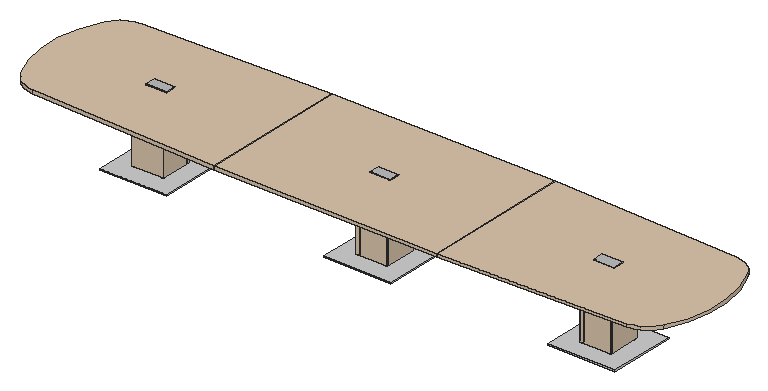
Revit family "Haworth_Planes_ColumnBaseConferenceTable_PebbleThreePiece", category Furniture Systems, Revit 2018 (continued)
Definition of nested family "Haworth_Planes_Worksurface_Pebble_3Piece_PART"
  Definition of nested family "Haworth_Planes_Worksurface_Pebble60_3Pieces_Part"
    Forms (in)
      Extrusion 14, solid, material <- "Table Finish", visible <- "264w"
        sketch origin (-724.87196, -915.34799, 0) x (1, 0, 0) y (0, 1, 0)
          loop
            arc (608.32241, 902.99103) -> (644.65509, 901.10295) -> (681.03196, 900.5091) r 1022.12412
            line (681.03196, 900.5091) -> (681.03196, 960.18688)
            arc (681.03196, 960.18688) -> (644.65509, 959.59303) -> (608.32241, 957.70496) r 1022.12412
            arc (608.32241, 957.70496) -> (602.6048, 955.78653) -> (598.54248, 951.32906) r 12
          loop
            arc (768.71196, 900.5091) -> (805.08883, 901.10295) -> (841.42151, 902.99103) r 1022.12412
            arc (841.42151, 902.99103) -> (847.13912, 904.90946) -> (851.20144, 909.36692) r 12
            arc (851.20144, 909.36692) -> (856.39196, 930.34799) -> (851.20144, 951.32906) r 45
            arc (851.20144, 951.32906) -> (847.13912, 955.78653) -> (841.42151, 957.70496) r 12
            arc (841.42151, 957.70496) -> (805.08883, 959.59303) -> (768.71196, 960.18688) r 1022.12412
            line (768.71196, 960.18688) -> (768.71196, 900.5091)
        from 27.8125 to 29
      Extrusion 15, solid, material <- "Table Finish", visible <- "270w"
        sketch origin (-724.20685, -978.94741, 0) x (1, 0, 0) y (0, 1, 0)
          loop
            arc (594.87701, 1014.9278) -> (589.68685, 993.94741) -> (594.87701, 972.96703) r 45
            arc (594.87701, 972.96703) -> (598.94895, 968.50318) -> (604.67991, 966.58938) r 12
            arc (604.67991, 966.58938) -> (642.00192, 964.70279) -> (679.36685, 964.10847) r 1080.05638
            line (679.36685, 964.10847) -> (679.36685, 1023.78636)
            arc (679.36685, 1023.78636) -> (642.00192, 1023.19204) -> (604.67991, 1021.30545) r 1080.05638
            arc (604.67991, 1021.30545) -> (598.94895, 1019.39165) -> (594.87701, 1014.9278) r 12
          loop
            arc (769.04685, 964.10847) -> (806.41179, 964.70279) -> (843.73379, 966.58938) r 1080.05638
            arc (843.73379, 966.58938) -> (849.46476, 968.50318) -> (853.5367, 972.96703) r 12
            arc (853.5367, 972.96703) -> (858.72685, 993.94741) -> (853.5367, 1014.9278) r 45
            arc (853.5367, 1014.9278) -> (849.46476, 1019.39165) -> (843.73379, 1021.30545) r 12
            arc (843.73379, 1021.30545) -> (806.41179, 1023.19204) -> (769.04685, 1023.78636) r 1080.05638
            line (769.04685, 1023.78636) -> (769.04685, 964.10847)
        from 27.8125 to 29
      Extrusion 16, solid, material <- "Table Finish", visible <- "186w"
        sketch origin (-730.5556, -86.63524, 0) x (1, 0, 0) y (0, 1, 0)
          loop
            line (699.7156, 131.47255) -> (699.7156, 71.79793) -> (761.3956, 71.79793) -> (761.3956, 131.47255) -> (699.7156, 131.47255)
        from 27.8125 to 29
      Extrusion 17, solid, material <- "Table Finish", visible <- "192w"
        sketch origin (-729.89022, -148.78543, 0) x (1, 0, 0) y (0, 1, 0)
          loop
            line (698.05022, 193.62295) -> (698.05022, 133.9479) -> (761.73022, 133.9479) -> (761.73022, 193.62295) -> (698.05022, 193.62295)
        from 27.8125 to 29
      Extrusion 18, solid, material <- "Table Finish", visible <- "198w"
        sketch origin (-731.23218, -211.57156, 0) x (1, 0, 0) y (0, 1, 0)
          loop
            line (698.39218, 256.40928) -> (698.39218, 196.73385) -> (764.07218, 196.73385) -> (764.07218, 256.40928) -> (698.39218, 256.40928)
        from 27.8125 to 29
      Extrusion 19, solid, material <- "Table Finish", visible <- "204w"
        sketch origin (-730.56386, -275.02564, 0) x (1, 0, 0) y (0, 1, 0)
          loop
            line (696.72386, 319.86352) -> (696.72386, 260.18775) -> (764.40386, 260.18775) -> (764.40386, 319.86352) -> (696.72386, 319.86352)
        from 27.8125 to 29
      Extrusion 20, solid, material <- "Table Finish", visible <- "210w"
        sketch origin (-729.89554, -340.48352, 0) x (1, 0, 0) y (0, 1, 0)
          loop
            line (695.05554, 385.32156) -> (695.05554, 325.64548) -> (764.73554, 325.64548) -> (764.73554, 385.32156) -> (695.05554, 385.32156)
        from 27.8125 to 29
      Extrusion 21, solid, material <- "Table Finish", visible <- "216w"
        sketch origin (-727.89058, -405.94544, 0) x (1, 0, 0) y (0, 1, 0)
          loop
            line (692.05058, 450.78362) -> (692.05058, 391.10727) -> (763.73058, 391.10727) -> (763.73058, 450.78362) -> (692.05058, 450.78362)
        from 27.8125 to 29
      Extrusion 22, solid, material <- "Table Finish", visible <- "222w"
        sketch origin (-727.25581, -470.81755, 0) x (1, 0, 0) y (0, 1, 0)
          loop
            line (690.41581, 515.65584) -> (690.41581, 455.97925) -> (764.09581, 455.97925) -> (764.09581, 515.65584) -> (690.41581, 515.65584)
        from 27.8125 to 29
      Extrusion 23, solid, material <- "Table Finish", visible <- "228w"
        sketch origin (-725.92256, -535.60903, 0) x (1, 0, 0) y (0, 1, 0)
          loop
            line (688.08256, 580.44744) -> (688.08256, 520.77062) -> (763.76256, 520.77062) -> (763.76256, 580.44744) -> (688.08256, 580.44744)
        from 27.8125 to 29
      Extrusion 24, solid, material <- "Table Finish", visible <- "240w"
        sketch origin (-724.87283, -663.92772, 0) x (1, 0, 0) y (0, 1, 0)
          loop
            line (685.03283, 708.76632) -> (685.03283, 649.08912) -> (764.71283, 649.08912) -> (764.71283, 708.76632) -> (685.03283, 708.76632)
        from 27.8125 to 29
      Extrusion 25, solid, material <- "Table Finish", visible <- "246w"
        sketch origin (-724.87283, -726.76777, 0) x (1, 0, 0) y (0, 1, 0)
          loop
            line (684.03283, 771.60645) -> (684.03283, 711.92909) -> (765.71283, 711.92909) -> (765.71283, 771.60645) -> (684.03283, 771.60645)
        from 27.8125 to 29
      Extrusion 26, solid, material <- "Table Finish", visible <- "252w"
        sketch origin (-724.20394, -789.61244, 0) x (1, 0, 0) y (0, 1, 0)
          loop
            line (682.36394, 834.4512) -> (682.36394, 774.77369) -> (766.04394, 774.77369) -> (766.04394, 834.4512) -> (682.36394, 834.4512)
        from 27.8125 to 29
      Extrusion 27, solid, material <- "Table Finish", visible <- "258w"
        sketch origin (-724.20394, -852.45398, 0) x (1, 0, 0) y (0, 1, 0)
          loop
            line (681.36394, 897.2928) -> (681.36394, 837.61515) -> (767.04394, 837.61515) -> (767.04394, 897.2928) -> (681.36394, 897.2928)
        from 27.8125 to 29
      Extrusion 28, solid, material <- "Table Finish", visible <- "264w"
        sketch origin (-724.87196, -915.34799, 0) x (1, 0, 0) y (0, 1, 0)
          loop
            line (681.03196, 960.18688) -> (681.03196, 900.5091) -> (768.71196, 900.5091) -> (768.71196, 960.18688) -> (681.03196, 960.18688)
        from 27.8125 to 29
      Extrusion 29, solid, material <- "Table Finish", visible <- "270w"
        sketch origin (-724.20685, -978.94741, 0) x (1, 0, 0) y (0, 1, 0)
          loop
            line (679.36685, 1023.78636) -> (679.36685, 964.10847) -> (769.04685, 964.10847) -> (769.04685, 1023.78636) -> (679.36685, 1023.78636)
        from 27.8125 to 29
      Extrusion 30, solid, material <- "Table Finish", visible <- "234w"
        sketch origin (-724.70902, -598.95998, 0) x (1, 0, 0) y (0, 1, 0)
          loop
            line (685.86902, 643.79849) -> (685.86902, 584.12148) -> (763.54902, 584.12148) -> (763.54902, 643.79849) -> (685.86902, 643.79849)
        from 27.8125 to 29
    Lines and regions (in)
      Masking region 1, visible <- "186w"
        outline origin (-730.5556, -86.63524, 0) x (1, 0, 0) y (0, 1, 0)
          loop
            arc (652.76351, 74.29524) -> (675.45521, 72.42087) -> (698.2156, 71.79524) r 414.53084
            line (698.2156, 71.79524) -> (762.8956, 71.79524)
            arc (762.8956, 71.79524) -> (785.65598, 72.42087) -> (808.34768, 74.29524) r 414.53084
            arc (808.34768, 74.29524) -> (813.9231, 76.26118) -> (817.88323, 80.65067) r 12
            arc (817.88323, 80.65067) -> (823.0756, 101.63524) -> (817.88323, 122.61981) r 45
            arc (817.88323, 122.61981) -> (813.9231, 127.0093) -> (808.34768, 128.97524) r 12
            arc (808.34768, 128.97524) -> (785.65598, 130.84961) -> (762.8956, 131.47524) r 414.53084
            line (762.8956, 131.47524) -> (698.2156, 131.47524)
            arc (698.2156, 131.47524) -> (675.45521, 130.84961) -> (652.76351, 128.97524) r 414.53084
            arc (652.76351, 128.97524) -> (647.18809, 127.0093) -> (643.22796, 122.61981) r 12
            arc (643.22796, 122.61981) -> (638.0356, 101.63524) -> (643.22796, 80.65067) r 45
            arc (643.22796, 80.65067) -> (647.18809, 76.26118) -> (652.76351, 74.29524) r 12
      Masking region 2, visible <- "192w"
        outline origin (-729.89022, -148.78543, 0) x (1, 0, 0) y (0, 1, 0)
          loop
            arc (639.56259, 184.77) -> (634.37022, 163.78543) -> (639.56259, 142.80086) r 45
            arc (639.56259, 142.80086) -> (643.52271, 138.41137) -> (649.09813, 136.44543) r 12
            arc (649.09813, 136.44543) -> (672.79128, 134.57098) -> (696.55022, 133.94543) r 451.67365
            line (696.55022, 133.94543) -> (763.23022, 133.94543)
            arc (763.23022, 133.94543) -> (786.98916, 134.57098) -> (810.68231, 136.44543) r 451.67365
            arc (810.68231, 136.44543) -> (816.25773, 138.41137) -> (820.21786, 142.80086) r 12
            arc (820.21786, 142.80086) -> (825.41022, 163.78543) -> (820.21786, 184.77) r 45
            arc (820.21786, 184.77) -> (816.25773, 189.15949) -> (810.68231, 191.12543) r 12
            arc (810.68231, 191.12543) -> (786.98916, 192.99988) -> (763.23022, 193.62543) r 451.67365
            line (763.23022, 193.62543) -> (696.55022, 193.62543)
            arc (696.55022, 193.62543) -> (672.79128, 192.99988) -> (649.09813, 191.12543) r 451.67365
            arc (649.09813, 191.12543) -> (643.52271, 189.15949) -> (639.56259, 184.77) r 12
      Masking region 3, visible <- "198w"
        outline origin (-731.23218, -211.57156, 0) x (1, 0, 0) y (0, 1, 0)
          loop
            arc (637.90454, 247.55613) -> (632.71218, 226.57156) -> (637.90454, 205.587) r 45
            arc (637.90454, 205.587) -> (641.86467, 201.1975) -> (647.44009, 199.23156) r 12
            arc (647.44009, 199.23156) -> (672.13618, 197.35696) -> (696.89541, 196.73156) r 490.41566
            line (696.89541, 196.73156) -> (765.56895, 196.73156)
            arc (765.56895, 196.73156) -> (790.32818, 197.35696) -> (815.02427, 199.23156) r 490.41566
            arc (815.02427, 199.23156) -> (820.59969, 201.1975) -> (824.55982, 205.587) r 12
            arc (824.55982, 205.587) -> (829.75218, 226.57156) -> (824.55982, 247.55613) r 45
            arc (824.55982, 247.55613) -> (820.59969, 251.94562) -> (815.02427, 253.91156) r 12
            arc (815.02427, 253.91156) -> (790.32818, 255.78616) -> (765.56895, 256.41156) r 490.41566
            line (765.56895, 256.41156) -> (696.89541, 256.41156)
            arc (696.89541, 256.41156) -> (672.13618, 255.78616) -> (647.44009, 253.91156) r 490.41566
            arc (647.44009, 253.91156) -> (641.86467, 251.94562) -> (637.90454, 247.55613) r 12
      Masking region 4, visible <- "204w"
        outline origin (-730.56386, -275.02564, 0) x (1, 0, 0) y (0, 1, 0)
          loop
            arc (634.23622, 311.0102) -> (629.04386, 290.02564) -> (634.23622, 269.04107) r 45
            arc (634.23622, 269.04107) -> (638.19635, 264.65158) -> (643.77177, 262.68564) r 12
            arc (643.77177, 262.68564) -> (669.46852, 260.811) -> (695.22597, 260.18564) r 530.75685
            line (695.22597, 260.18564) -> (765.90175, 260.18564)
            arc (765.90175, 260.18564) -> (791.6592, 260.811) -> (817.35595, 262.68564) r 530.75685
            arc (817.35595, 262.68564) -> (822.93137, 264.65158) -> (826.8915, 269.04107) r 12
            arc (826.8915, 269.04107) -> (832.08386, 290.02564) -> (826.8915, 311.0102) r 45
            arc (826.8915, 311.0102) -> (822.93137, 315.3997) -> (817.35595, 317.36564) r 12
            arc (817.35595, 317.36564) -> (791.6592, 319.24027) -> (765.90175, 319.86564) r 530.75685
            line (765.90175, 319.86564) -> (695.22597, 319.86564)
            arc (695.22597, 319.86564) -> (669.46852, 319.24027) -> (643.77177, 317.36564) r 530.75685
            arc (643.77177, 317.36564) -> (638.19635, 315.3997) -> (634.23622, 311.0102) r 12
      Masking region 5, visible <- "210w"
        outline origin (-729.89554, -340.48352, 0) x (1, 0, 0) y (0, 1, 0)
          loop
            arc (630.5679, 376.46809) -> (625.37554, 355.48352) -> (630.5679, 334.49895) r 45
            arc (630.5679, 334.49895) -> (634.52803, 330.10946) -> (640.10345, 328.14352) r 12
            arc (640.10345, 328.14352) -> (666.8008, 326.26886) -> (693.55657, 325.64352) r 572.69723
            line (693.55657, 325.64352) -> (766.23451, 325.64352)
            arc (766.23451, 325.64352) -> (792.99028, 326.26886) -> (819.68763, 328.14352) r 572.69723
            arc (819.68763, 328.14352) -> (825.26305, 330.10946) -> (829.22318, 334.49895) r 12
            arc (829.22318, 334.49895) -> (834.41554, 355.48352) -> (829.22318, 376.46809) r 45
            arc (829.22318, 376.46809) -> (825.26305, 380.85758) -> (819.68763, 382.82352) r 12
            arc (819.68763, 382.82352) -> (792.99028, 384.69818) -> (766.23451, 385.32352) r 572.69723
            line (766.23451, 385.32352) -> (693.55657, 385.32352)
            arc (693.55657, 385.32352) -> (666.8008, 384.69818) -> (640.10345, 382.82352) r 572.69723
            arc (640.10345, 382.82352) -> (634.52803, 380.85758) -> (630.5679, 376.46809) r 12
      Masking region 6, visible <- "216w"
        outline origin (-727.89058, -405.94544, 0) x (1, 0, 0) y (0, 1, 0)
          loop
            arc (625.56294, 441.93001) -> (620.37058, 420.94544) -> (625.56294, 399.96088) r 45
            arc (625.56294, 399.96088) -> (629.52307, 395.57138) -> (635.09849, 393.60544) r 12
            arc (635.09849, 393.60544) -> (662.79637, 391.73076) -> (690.55058, 391.10544) r 616.2368
            line (690.55058, 391.10544) -> (765.23058, 391.10544)
            arc (765.23058, 391.10544) -> (792.98479, 391.73076) -> (820.68267, 393.60544) r 616.2368
            arc (820.68267, 393.60544) -> (826.25809, 395.57138) -> (830.21822, 399.96088) r 12
            arc (830.21822, 399.96088) -> (835.41058, 420.94544) -> (830.21822, 441.93001) r 45
            arc (830.21822, 441.93001) -> (826.25809, 446.3195) -> (820.68267, 448.28544) r 12
            arc (820.68267, 448.28544) -> (792.98479, 450.16013) -> (765.23058, 450.78544) r 616.2368
            line (765.23058, 450.78544) -> (690.55058, 450.78544)
            arc (690.55058, 450.78544) -> (662.79637, 450.16013) -> (635.09849, 448.28544) r 616.2368
            arc (635.09849, 448.28544) -> (629.52307, 446.3195) -> (625.56294, 441.93001) r 12
      Masking region 7, visible <- "222w"
        outline origin (-727.25581, -470.81755, 0) x (1, 0, 0) y (0, 1, 0)
          loop
            arc (621.92817, 506.80212) -> (616.73581, 485.81755) -> (621.92817, 464.83298) r 45
            arc (621.92817, 464.83298) -> (625.8883, 460.44349) -> (631.46372, 458.47755) r 12
            arc (631.46372, 458.47755) -> (660.16208, 456.60284) -> (688.91481, 455.97755) r 661.37555
            line (688.91481, 455.97755) -> (765.5968, 455.97755)
            arc (765.5968, 455.97755) -> (794.34953, 456.60284) -> (823.0479, 458.47755) r 661.37555
            arc (823.0479, 458.47755) -> (828.62332, 460.44349) -> (832.58344, 464.83298) r 12
            arc (832.58344, 464.83298) -> (837.77581, 485.81755) -> (832.58344, 506.80212) r 45
            arc (832.58344, 506.80212) -> (828.62332, 511.19161) -> (823.0479, 513.15755) r 12
            arc (823.0479, 513.15755) -> (794.34953, 515.03225) -> (765.5968, 515.65755) r 661.37555
            line (765.5968, 515.65755) -> (688.91481, 515.65755)
            arc (688.91481, 515.65755) -> (660.16208, 515.03225) -> (631.46372, 513.15755) r 661.37555
            arc (631.46372, 513.15755) -> (625.8883, 511.19161) -> (621.92817, 506.80212) r 12
      Masking region 8, visible <- "228w"
        outline origin (-725.92256, -535.60903, 0) x (1, 0, 0) y (0, 1, 0)
          loop
            arc (617.59492, 571.5936) -> (612.40256, 550.60903) -> (617.59492, 529.62446) r 45
            arc (617.59492, 529.62446) -> (621.55505, 525.23497) -> (627.13047, 523.26903) r 12
            arc (627.13047, 523.26903) -> (656.82926, 521.3943) -> (686.5806, 520.76903) r 708.1135
            line (686.5806, 520.76903) -> (765.26452, 520.76903)
            arc (765.26452, 520.76903) -> (795.01585, 521.3943) -> (824.71464, 523.26903) r 708.1135
            arc (824.71464, 523.26903) -> (830.29007, 525.23497) -> (834.25019, 529.62446) r 12
            arc (834.25019, 529.62446) -> (839.44256, 550.60903) -> (834.25019, 571.5936) r 45
            arc (834.25019, 571.5936) -> (830.29007, 575.98309) -> (824.71464, 577.94903) r 12
            arc (824.71464, 577.94903) -> (795.01585, 579.82375) -> (765.26452, 580.44903) r 708.1135
            line (765.26452, 580.44903) -> (686.5806, 580.44903)
            arc (686.5806, 580.44903) -> (656.82926, 579.82375) -> (627.13047, 577.94903) r 708.1135
            arc (627.13047, 577.94903) -> (621.55505, 575.98309) -> (617.59492, 571.5936) r 12
      Masking region 9, visible <- "234w"
        outline origin (-724.70902, -598.95998, 0) x (1, 0, 0) y (0, 1, 0)
          loop
            arc (613.38139, 634.94455) -> (608.18902, 613.95998) -> (613.38139, 592.97542) r 45
            arc (613.38139, 592.97542) -> (617.34151, 588.58592) -> (622.91694, 586.61998) r 12
            arc (622.91694, 586.61998) -> (653.61612, 584.74524) -> (684.36613, 584.11998) r 756.45063
            line (684.36613, 584.11998) -> (765.05192, 584.11998)
            arc (765.05192, 584.11998) -> (795.80193, 584.74524) -> (826.50111, 586.61998) r 756.45063
            arc (826.50111, 586.61998) -> (832.07653, 588.58592) -> (836.03666, 592.97542) r 12
            arc (836.03666, 592.97542) -> (841.22902, 613.95998) -> (836.03666, 634.94455) r 45
            arc (836.03666, 634.94455) -> (832.07653, 639.33404) -> (826.50111, 641.29998) r 12
            arc (826.50111, 641.29998) -> (795.80193, 643.17472) -> (765.05192, 643.79998) r 756.45063
            line (765.05192, 643.79998) -> (684.36613, 643.79998)
            arc (684.36613, 643.79998) -> (653.61612, 643.17472) -> (622.91694, 641.29998) r 756.45063
            arc (622.91694, 641.29998) -> (617.34151, 639.33404) -> (613.38139, 634.94455) r 12
      Masking region 10, visible <- "240w"
        outline origin (-724.87283, -663.92772, 0) x (1, 0, 0) y (0, 1, 0)
          loop
            arc (610.54519, 699.91229) -> (605.35283, 678.92772) -> (610.54519, 657.94315) r 45
            arc (610.54519, 657.94315) -> (614.50532, 653.55366) -> (620.08074, 651.58772) r 12
            arc (620.08074, 651.58772) -> (651.78027, 649.71296) -> (683.52903, 649.08772) r 806.38695
            line (683.52903, 649.08772) -> (766.21663, 649.08772)
            arc (766.21663, 649.08772) -> (797.96539, 649.71296) -> (829.66492, 651.58772) r 806.38695
            arc (829.66492, 651.58772) -> (835.24034, 653.55366) -> (839.20047, 657.94315) r 12
            arc (839.20047, 657.94315) -> (844.39283, 678.92772) -> (839.20047, 699.91229) r 45
            arc (839.20047, 699.91229) -> (835.24034, 704.30178) -> (829.66492, 706.26772) r 12
            arc (829.66492, 706.26772) -> (797.96539, 708.14248) -> (766.21663, 708.76772) r 806.38695
            line (766.21663, 708.76772) -> (683.52903, 708.76772)
            arc (683.52903, 708.76772) -> (651.78027, 708.14248) -> (620.08074, 706.26772) r 806.38695
            arc (620.08074, 706.26772) -> (614.50532, 704.30178) -> (610.54519, 699.91229) r 12
      Masking region 11, visible <- "246w"
        outline origin (-724.87283, -726.76777, 0) x (1, 0, 0) y (0, 1, 0)
          loop
            arc (607.54519, 762.75234) -> (602.35283, 741.76777) -> (607.54519, 720.7832) r 45
            arc (607.54519, 720.7832) -> (611.50532, 716.39371) -> (617.08074, 714.42777) r 12
            arc (617.08074, 714.42777) -> (649.78292, 712.55291) -> (682.53283, 711.92777) r 857.92246
            line (682.53283, 711.92777) -> (767.21283, 711.92777)
            arc (767.21283, 711.92777) -> (799.96274, 712.55291) -> (832.66492, 714.42777) r 857.92246
            arc (832.66492, 714.42777) -> (838.24034, 716.39371) -> (842.20047, 720.7832) r 12
            arc (842.20047, 720.7832) -> (847.39283, 741.76777) -> (842.20047, 762.75234) r 45
            arc (842.20047, 762.75234) -> (838.24034, 767.14183) -> (832.66492, 769.10777) r 12
            arc (832.66492, 769.10777) -> (799.96274, 770.98263) -> (767.21283, 771.60777) r 857.92246
            line (767.21283, 771.60777) -> (682.53283, 771.60777)
            arc (682.53283, 771.60777) -> (649.78292, 770.98263) -> (617.08074, 769.10777) r 857.92246
            arc (617.08074, 769.10777) -> (611.50532, 767.14183) -> (607.54519, 762.75234) r 12
      Masking region 12, visible <- "252w"
        outline origin (-724.20394, -789.61244, 0) x (1, 0, 0) y (0, 1, 0)
          loop
            arc (603.8763, 825.59701) -> (598.68394, 804.61244) -> (603.8763, 783.62787) r 45
            arc (603.8763, 783.62787) -> (607.83643, 779.23838) -> (613.41185, 777.27244) r 12
            arc (613.41185, 777.27244) -> (647.11473, 775.39755) -> (680.86394, 774.77244) r 911.05716
            line (680.86394, 774.77244) -> (767.54394, 774.77244)
            arc (767.54394, 774.77244) -> (801.29314, 775.39755) -> (834.99602, 777.27244) r 911.05716
            arc (834.99602, 777.27244) -> (840.57145, 779.23838) -> (844.53157, 783.62787) r 12
            arc (844.53157, 783.62787) -> (849.72394, 804.61244) -> (844.53157, 825.59701) r 45
            arc (844.53157, 825.59701) -> (840.57145, 829.9865) -> (834.99602, 831.95244) r 12
            arc (834.99602, 831.95244) -> (801.29314, 833.82733) -> (767.54394, 834.45244) r 911.05716
            line (767.54394, 834.45244) -> (680.86394, 834.45244)
            arc (680.86394, 834.45244) -> (647.11473, 833.82733) -> (613.41185, 831.95244) r 911.05716
            arc (613.41185, 831.95244) -> (607.83643, 829.9865) -> (603.8763, 825.59701) r 12
      Masking region 13, visible <- "258w"
        outline origin (-724.20394, -852.45398, 0) x (1, 0, 0) y (0, 1, 0)
          loop
            arc (600.8763, 888.43854) -> (595.68394, 867.45398) -> (600.8763, 846.46941) r 45
            arc (600.8763, 846.46941) -> (604.83643, 842.07992) -> (610.41185, 840.11398) r 12
            arc (610.41185, 840.11398) -> (645.1154, 838.23906) -> (679.86394, 837.61398) r 965.79104
            line (679.86394, 837.61398) -> (768.54394, 837.61398)
            arc (768.54394, 837.61398) -> (803.29247, 838.23906) -> (837.99602, 840.11398) r 965.79104
            arc (837.99602, 840.11398) -> (843.57145, 842.07992) -> (847.53157, 846.46941) r 12
            arc (847.53157, 846.46941) -> (852.72394, 867.45398) -> (847.53157, 888.43854) r 45
            arc (847.53157, 888.43854) -> (843.57145, 892.82803) -> (837.99602, 894.79398) r 12
            arc (837.99602, 894.79398) -> (803.29247, 896.66889) -> (768.54394, 897.29398) r 965.79104
            line (768.54394, 897.29398) -> (679.86394, 897.29398)
            arc (679.86394, 897.29398) -> (645.1154, 896.66889) -> (610.41185, 894.79398) r 965.79104
            arc (610.41185, 894.79398) -> (604.83643, 892.82803) -> (600.8763, 888.43854) r 12
      Masking region 14, visible <- "264w"
        outline origin (-724.87196, -915.34799, 0) x (1, 0, 0) y (0, 1, 0)
          loop
            arc (598.54432, 951.33256) -> (593.35196, 930.34799) -> (598.54432, 909.36343) r 45
            arc (598.54432, 909.36343) -> (602.50445, 904.97393) -> (608.07987, 903.00799) r 12
            arc (608.07987, 903.00799) -> (643.78405, 901.13306) -> (679.53196, 900.50799) r 1022.12412
            line (679.53196, 900.50799) -> (770.21196, 900.50799)
            arc (770.21196, 900.50799) -> (805.95987, 901.13306) -> (841.66405, 903.00799) r 1022.12412
            arc (841.66405, 903.00799) -> (847.23947, 904.97393) -> (851.1996, 909.36343) r 12
            arc (851.1996, 909.36343) -> (856.39196, 930.34799) -> (851.1996, 951.33256) r 45
            arc (851.1996, 951.33256) -> (847.23947, 955.72205) -> (841.66405, 957.68799) r 12
            arc (841.66405, 957.68799) -> (805.95987, 959.56293) -> (770.21196, 960.18799) r 1022.12412
            line (770.21196, 960.18799) -> (679.53196, 960.18799)
            arc (679.53196, 960.18799) -> (643.78405, 959.56293) -> (608.07987, 957.68799) r 1022.12412
            arc (608.07987, 957.68799) -> (602.50445, 955.72205) -> (598.54432, 951.33256) r 12
      Masking region 15, visible <- "270w"
        outline origin (-724.20685, -978.94741, 0) x (1, 0, 0) y (0, 1, 0)
          loop
            arc (594.87922, 1014.93198) -> (589.68685, 993.94741) -> (594.87922, 972.96285) r 45
            arc (594.87922, 972.96285) -> (598.83935, 968.57336) -> (604.41477, 966.60741) r 12
            arc (604.41477, 966.60741) -> (641.11954, 964.73246) -> (677.86685, 964.10741) r 1080.05638
            line (677.86685, 964.10741) -> (770.54685, 964.10741)
            arc (770.54685, 964.10741) -> (807.29417, 964.73246) -> (843.99894, 966.60741) r 1080.05638
            arc (843.99894, 966.60741) -> (849.57436, 968.57336) -> (853.53449, 972.96285) r 12
            arc (853.53449, 972.96285) -> (858.72685, 993.94741) -> (853.53449, 1014.93198) r 45
            arc (853.53449, 1014.93198) -> (849.57436, 1019.32147) -> (843.99894, 1021.28741) r 12
            arc (843.99894, 1021.28741) -> (807.29417, 1023.16237) -> (770.54685, 1023.78741) r 1080.05638
            line (770.54685, 1023.78741) -> (677.86685, 1023.78741)
            arc (677.86685, 1023.78741) -> (641.11954, 1023.16237) -> (604.41477, 1021.28741) r 1080.05638
            arc (604.41477, 1021.28741) -> (598.83935, 1019.32147) -> (594.87922, 1014.93198) r 12
      symbolic lines, visible <- "186w", detail levels medium+fine
        curve 1: line (-30.84, 44.83731, 0) -> (-30.84, -14.83731, 0)
        curve 2: line (30.84, -14.83731, 0) -> (30.84, 44.83731, 0)
      symbolic lines, visible <- "192w", detail levels medium+fine
        curve 3: line (31.84, -14.83752, 0) -> (31.84, 44.83752, 0)
        curve 4: line (-31.84, 44.83752, 0) -> (-31.84, -14.83752, 0)
      symbolic lines, visible <- "198w", detail levels medium+fine
        curve 5: line (-32.84, 44.83772, 0) -> (-32.84, -14.83772, 0)
        curve 6: line (32.84, -14.83772, 0) -> (32.84, 44.83772, 0)
      symbolic lines, visible <- "204w", detail levels medium+fine
        curve 7: line (33.84, -14.83789, 0) -> (33.84, 44.83789, 0)
        curve 8: line (-33.84, 44.83789, 0) -> (-33.84, -14.83789, 0)
      symbolic lines, visible <- "210w", detail levels medium+fine
        curve 9: line (-34.84, 44.83804, 0) -> (-34.84, -14.83804, 0)
        curve 10: line (34.84, -14.83804, 0) -> (34.84, 44.83804, 0)
      symbolic lines, visible <- "216w", detail levels medium+fine
        curve 11: line (35.84, -14.83817, 0) -> (35.84, 44.83817, 0)
        curve 12: line (-35.84, 44.83817, 0) -> (-35.84, -14.83817, 0)
      symbolic lines, visible <- "222w", detail levels medium+fine
        curve 13: line (-36.84, 44.8383, 0) -> (-36.84, -14.8383, 0)
        curve 14: line (36.84, -14.8383, 0) -> (36.84, 44.8383, 0)
      symbolic lines, visible <- "228w", detail levels medium+fine
        curve 15: line (37.84, -14.83841, 0) -> (37.84, 44.83841, 0)
        curve 16: line (-37.84, 44.83841, 0) -> (-37.84, -14.83841, 0)
      symbolic lines, visible <- "234w", detail levels medium+fine
        curve 17: line (-38.84, 44.83851, 0) -> (-38.84, -14.83851, 0)
        curve 18: line (38.84, -14.83851, 0) -> (38.84, 44.83851, 0)
      symbolic lines, visible <- "240w", detail levels medium+fine
        curve 19: line (39.84, -14.8386, 0) -> (39.84, 44.8386, 0)
        curve 20: line (-39.84, 44.8386, 0) -> (-39.84, -14.8386, 0)
      symbolic lines, visible <- "246w", detail levels medium+fine
        curve 21: line (-40.84, 44.83868, 0) -> (-40.84, -14.83868, 0)
        curve 22: line (40.84, -14.83868, 0) -> (40.84, 44.83868, 0)
      symbolic lines, visible <- "252w", detail levels medium+fine
        curve 23: line (41.84, -14.83876, 0) -> (41.84, 44.83876, 0)
        curve 24: line (-41.84, 44.83876, 0) -> (-41.84, -14.83876, 0)
      symbolic lines, visible <- "258w", detail levels medium+fine
        curve 25: line (-42.84, 44.83883, 0) -> (-42.84, -14.83883, 0)
        curve 26: line (42.84, -14.83883, 0) -> (42.84, 44.83883, 0)
      symbolic lines, visible <- "264w", detail levels medium+fine
        curve 27: line (43.84, -14.83889, 0) -> (43.84, 44.83889, 0)
        curve 28: line (-43.84, 44.83889, 0) -> (-43.84, -14.83889, 0)
      symbolic lines, visible <- "270w", detail levels medium+fine
        curve 29: line (-44.84, 44.83895, 0) -> (-44.84, -14.83895, 0)
        curve 30: line (44.84, -14.83895, 0) -> (44.84, 44.83895, 0)
    Dimensions and locks (in)
      "Thickness": plane 4 "Table Top" to plane 5 "Table Bottom"
      "Actual Height": plane 4 "Table Top" to level
      "Cutout Dimension": plane 6 "Cutout Top" to plane 7 "Cutout Bottom"
      plane 6 "Cutout Top" to plane 4 "Table Top" = 1"
      locked: plane 4 "Table Top" to plane 8 "KnifeEdge Middle" at 0.375
      aligned and locked: plane 4 "Table Top" to Extrusion 15
      aligned and locked: plane 4 "Table Top" to Extrusion 14
      aligned and locked: plane 4 "Table Top" to Extrusion 13
      aligned and locked: plane 4 "Table Top" to Extrusion 12
      aligned and locked: plane 4 "Table Top" to Extrusion 11
      aligned and locked: plane 4 "Table Top" to Extrusion 10
      aligned and locked: plane 4 "Table Top" to Extrusion 9
      aligned and locked: plane 4 "Table Top" to Extrusion 8
      aligned and locked: plane 4 "Table Top" to Extrusion 7
      aligned and locked: plane 4 "Table Top" to Extrusion 6
      aligned and locked: plane 4 "Table Top" to Extrusion 5
      aligned and locked: plane 4 "Table Top" to Extrusion 4
      aligned and locked: plane 4 "Table Top" to Extrusion 3
      aligned and locked: plane 4 "Table Top" to Extrusion 2
      aligned and locked: plane 4 "Table Top" to Extrusion 1
      aligned and locked: plane 4 "Table Top" to Extrusion 29
      aligned and locked: plane 4 "Table Top" to Extrusion 28
      aligned and locked: plane 4 "Table Top" to Extrusion 27
      aligned and locked: plane 4 "Table Top" to Extrusion 26
      aligned and locked: plane 4 "Table Top" to Extrusion 25
      aligned and locked: plane 4 "Table Top" to Extrusion 24
      aligned and locked: plane 4 "Table Top" to Extrusion 30
      aligned and locked: plane 4 "Table Top" to Extrusion 23
      aligned and locked: plane 4 "Table Top" to Extrusion 22
      aligned and locked: plane 4 "Table Top" to Extrusion 21
      aligned and locked: plane 4 "Table Top" to Extrusion 20
      aligned and locked: plane 4 "Table Top" to Extrusion 19
      aligned and locked: plane 4 "Table Top" to Extrusion 18
      aligned and locked: plane 4 "Table Top" to Extrusion 17
      aligned and locked: plane 4 "Table Top" to Extrusion 16
      aligned and locked: Extrusion 15 to plane 5 "Table Bottom"
      aligned and locked: Extrusion 14 to plane 5 "Table Bottom"
      aligned and locked: Extrusion 13 to plane 5 "Table Bottom"
      aligned and locked: Extrusion 12 to plane 5 "Table Bottom"
      aligned and locked: Extrusion 11 to plane 5 "Table Bottom"
      aligned and locked: Extrusion 10 to plane 5 "Table Bottom"
      aligned and locked: Extrusion 9 to plane 5 "Table Bottom"
      aligned and locked: Extrusion 8 to plane 5 "Table Bottom"
      aligned and locked: Extrusion 7 to plane 5 "Table Bottom"
      aligned and locked: Extrusion 6 to plane 5 "Table Bottom"
      aligned and locked: Extrusion 5 to plane 5 "Table Bottom"
      aligned and locked: Extrusion 4 to plane 5 "Table Bottom"
      aligned and locked: Extrusion 3 to plane 5 "Table Bottom"
      aligned and locked: Extrusion 2 to plane 5 "Table Bottom"
      aligned and locked: Extrusion 1 to plane 5 "Table Bottom"
      aligned and locked: Extrusion 29 to plane 5 "Table Bottom"
      aligned and locked: Extrusion 28 to plane 5 "Table Bottom"
      aligned and locked: Extrusion 27 to plane 5 "Table Bottom"
      aligned and locked: Extrusion 26 to plane 5 "Table Bottom"
      aligned and locked: Extrusion 25 to plane 5 "Table Bottom"
      aligned and locked: Extrusion 24 to plane 5 "Table Bottom"
      aligned and locked: Extrusion 30 to plane 5 "Table Bottom"
      aligned and locked: Extrusion 23 to plane 5 "Table Bottom"
      aligned and locked: Extrusion 22 to plane 5 "Table Bottom"
      aligned and locked: Extrusion 21 to plane 5 "Table Bottom"
      aligned and locked: Extrusion 20 to plane 5 "Table Bottom"
      aligned and locked: Extrusion 19 to plane 5 "Table Bottom"
      aligned and locked: Extrusion 18 to plane 5 "Table Bottom"
      aligned and locked: Extrusion 17 to plane 5 "Table Bottom"
      aligned and locked: Extrusion 16 to plane 5 "Table Bottom"
    Automatic sketch dimensions
      Extrusion 1 sketch curve to Extrusion 1 sketch curve = 0"  (x9)
      Extrusion 1 sketch curve to Extrusion 1 sketch curve = 29.19363"  (x2)
      Extrusion 1 sketch curve to Extrusion 1 sketch curve = 16.68"  (x2)
      Extrusion 1 sketch curve to Extrusion 1 sketch curve = 61.68"
      Extrusion 1 sketch curve to Extrusion 1 sketch curve = 64.66874"  (x2)
      plane 1 "Center F/B" to Extrusion 1 sketch curve = 29.83731"  (x2)
      Extrusion 1 sketch curve to Extrusion 1 sketch curve = 14.45121"  (x2)
      Extrusion 1 sketch curve to Extrusion 1 sketch curve = 15.3861"  (x2)
      Extrusion 1 sketch curve to Extrusion 1 sketch curve = 30.7722"  (x2)
      Extrusion 1 sketch curve to Extrusion 1 sketch curve = 29.83731"  (x2)
      Extrusion 1 sketch curve to Extrusion 1 sketch curve = 9.29286"
      Extrusion 1 sketch curve to plane 3 "Center L/R" = 76.71363"
      Extrusion 1 sketch curve to Extrusion 1 sketch curve = 1.49437"  (x2)
      plane 1 "Center F/B" to Extrusion 1 sketch curve = 384.69084"
      Extrusion 1 sketch curve to Extrusion 1 sketch curve = 354.85353"
      Extrusion 2 sketch curve to Extrusion 2 sketch curve = 0"  (x10)
      Extrusion 2 sketch curve to Extrusion 2 sketch curve = 29.19306"  (x2)
      Extrusion 2 sketch curve to Extrusion 2 sketch curve = 18.68"  (x2)
      Extrusion 2 sketch curve to Extrusion 2 sketch curve = 66.6712"  (x2)
      plane 1 "Center F/B" to Extrusion 2 sketch curve = 29.83752"
      Extrusion 2 sketch curve to Extrusion 2 sketch curve = 14.45035"  (x2)
      Extrusion 2 sketch curve to Extrusion 2 sketch curve = 15.38717"  (x2)
      Extrusion 2 sketch curve to Extrusion 2 sketch curve = 30.77435"  (x2)
      Extrusion 2 sketch curve to Extrusion 2 sketch curve = 29.83752"  (x2)
      Extrusion 2 sketch curve to Extrusion 2 sketch curve = 9.34988"
      Extrusion 2 sketch curve to plane 3 "Center L/R" = 79.71306"
      Extrusion 2 sketch curve to Extrusion 2 sketch curve = 1.4956"  (x2)
      Extrusion 2 sketch curve to Extrusion 2 sketch curve = 63.68"
      plane 1 "Center F/B" to Extrusion 2 sketch curve = 421.83365"
      Extrusion 2 sketch curve to Extrusion 2 sketch curve = 391.99613"
      Extrusion 3 sketch curve to Extrusion 3 sketch curve = 0"  (x10)
      Extrusion 3 sketch curve to Extrusion 3 sketch curve = 29.19268"  (x2)
      Extrusion 3 sketch curve to Extrusion 3 sketch curve = 20.68"  (x2)
      Extrusion 3 sketch curve to Extrusion 3 sketch curve = 65.68"
      plane 1 "Center F/B" to Extrusion 3 sketch curve = 29.83772"
      Extrusion 3 sketch curve to Extrusion 3 sketch curve = 14.44981"  (x2)
      Extrusion 3 sketch curve to Extrusion 3 sketch curve = 15.38791"  (x2)
      Extrusion 3 sketch curve to Extrusion 3 sketch curve = 30.77581"  (x2)
      Extrusion 3 sketch curve to Extrusion 3 sketch curve = 29.83772"  (x2)
      Extrusion 3 sketch curve to Extrusion 3 sketch curve = 9.40212"
      Extrusion 3 sketch curve to plane 3 "Center L/R" = 82.71268"
      Extrusion 3 sketch curve to Extrusion 3 sketch curve = 1.49677"  (x2)
      Extrusion 3 sketch curve to Extrusion 3 sketch curve = 68.67354"  (x2)
      plane 1 "Center F/B" to Extrusion 3 sketch curve = 460.57566"
      Extrusion 3 sketch curve to Extrusion 3 sketch curve = 430.73794"
      Extrusion 4 sketch curve to Extrusion 4 sketch curve = 0"  (x10)
      Extrusion 4 sketch curve to Extrusion 4 sketch curve = 29.19243"  (x2)
      Extrusion 4 sketch curve to Extrusion 4 sketch curve = 67.68"
      Extrusion 4 sketch curve to Extrusion 4 sketch curve = 22.68"  (x2)
      plane 1 "Center F/B" to Extrusion 4 sketch curve = 29.83789"
      Extrusion 4 sketch curve to Extrusion 4 sketch curve = 14.44952"  (x2)
      Extrusion 4 sketch curve to Extrusion 4 sketch curve = 15.38836"  (x2)
      Extrusion 4 sketch curve to Extrusion 4 sketch curve = 30.77673"  (x2)
      Extrusion 4 sketch curve to Extrusion 4 sketch curve = 29.83789"  (x2)
      Extrusion 4 sketch curve to Extrusion 4 sketch curve = 9.45016"
      Extrusion 4 sketch curve to plane 3 "Center L/R" = 85.71243"
      plane 1 "Center F/B" to Extrusion 4 sketch curve = 500.91685"
      Extrusion 4 sketch curve to Extrusion 4 sketch curve = 50.37454"
      Extrusion 4 sketch curve to Extrusion 4 sketch curve = 51.53982"
      Extrusion 4 sketch curve to Extrusion 4 sketch curve = 70 173/256"  (x2)
      Extrusion 4 sketch curve to Extrusion 4 sketch curve = 471.07896"
      Extrusion 5 sketch curve to Extrusion 5 sketch curve = 0"  (x9)
      Extrusion 5 sketch curve to Extrusion 5 sketch curve = 29.19231"  (x2)
      Extrusion 5 sketch curve to Extrusion 5 sketch curve = 24.68"  (x2)
      plane 1 "Center F/B" to Extrusion 5 sketch curve = 29.83804"
      Extrusion 5 sketch curve to Extrusion 5 sketch curve = 14.44943"  (x2)
      Extrusion 5 sketch curve to Extrusion 5 sketch curve = 15.38861"  (x2)
      Extrusion 5 sketch curve to Extrusion 5 sketch curve = 30.77722"  (x2)
      Extrusion 5 sketch curve to Extrusion 5 sketch curve = 29.83804"  (x2)
      Extrusion 5 sketch curve to Extrusion 5 sketch curve = 9.49449"  (x2)
      Extrusion 5 sketch curve to plane 3 "Center L/R" = 88.71231"
      plane 1 "Center F/B" to Extrusion 5 sketch curve = 542.85723"
      Extrusion 5 sketch curve to Extrusion 5 sketch curve = 1.49897"  (x2)
      Extrusion 5 sketch curve to Extrusion 5 sketch curve = 69.68"
      Extrusion 5 sketch curve to Extrusion 5 sketch curve = 72.67793"  (x2)
      Extrusion 5 sketch curve to Extrusion 5 sketch curve = 513.01919"
      Extrusion 6 sketch curve to Extrusion 6 sketch curve = 0"  (x9)
      Extrusion 6 sketch curve to Extrusion 6 sketch curve = 29.19227"  (x2)
      Extrusion 6 sketch curve to Extrusion 6 sketch curve = 71.68"
      Extrusion 6 sketch curve to Extrusion 6 sketch curve = 74.68"  (x2)
      Extrusion 6 sketch curve to Extrusion 6 sketch curve = 26.68"  (x2)
      plane 1 "Center F/B" to Extrusion 6 sketch curve = 29.83817"
      Extrusion 6 sketch curve to Extrusion 6 sketch curve = 14.44949"  (x2)
      Extrusion 6 sketch curve to Extrusion 6 sketch curve = 15.38868"  (x2)
      Extrusion 6 sketch curve to Extrusion 6 sketch curve = 30.77737"  (x2)
      Extrusion 6 sketch curve to Extrusion 6 sketch curve = 29.83817"  (x2)
      Extrusion 6 sketch curve to Extrusion 6 sketch curve = 9.53555"  (x2)
      Extrusion 6 sketch curve to plane 3 "Center L/R" = 91.71227"
      plane 1 "Center F/B" to Extrusion 6 sketch curve = 586.3968"
      Extrusion 6 sketch curve to Extrusion 6 sketch curve = 54.37227"
      Extrusion 6 sketch curve to Extrusion 6 sketch curve = 55.45209"
      Extrusion 6 sketch curve to Extrusion 6 sketch curve = 556.55862"
      Extrusion 7 sketch curve to Extrusion 7 sketch curve = 0"  (x9)
      Extrusion 7 sketch curve to Extrusion 7 sketch curve = 29.1923"  (x2)
      Extrusion 7 sketch curve to Extrusion 7 sketch curve = 76.68199"  (x2)
      Extrusion 7 sketch curve to Extrusion 7 sketch curve = 28.68"  (x2)
      plane 1 "Center F/B" to Extrusion 7 sketch curve = 29.8383"
      Extrusion 7 sketch curve to Extrusion 7 sketch curve = 14.44968"  (x2)
      Extrusion 7 sketch curve to Extrusion 7 sketch curve = 15.38862"  (x2)
      Extrusion 7 sketch curve to Extrusion 7 sketch curve = 30.77724"  (x2)
      Extrusion 7 sketch curve to Extrusion 7 sketch curve = 29.8383"  (x2)
      Extrusion 7 sketch curve to Extrusion 7 sketch curve = 9.57368"  (x2)
      Extrusion 7 sketch curve to plane 3 "Center L/R" = 94.7123"
      plane 1 "Center F/B" to Extrusion 7 sketch curve = 631.53555"
      Extrusion 7 sketch curve to Extrusion 7 sketch curve = 56.3713"
      Extrusion 7 sketch curve to Extrusion 7 sketch curve = 57.413"
      Extrusion 7 sketch curve to Extrusion 7 sketch curve = 73.68"
      Extrusion 7 sketch curve to Extrusion 7 sketch curve = 601.69726"
      Extrusion 8 sketch curve to Extrusion 8 sketch curve = 0"  (x10)
      Extrusion 8 sketch curve to Extrusion 8 sketch curve = 29.19239"  (x2)
      Extrusion 8 sketch curve to Extrusion 8 sketch curve = 78.68392"  (x2)
      Extrusion 8 sketch curve to Extrusion 8 sketch curve = 30.68"  (x2)
      plane 1 "Center F/B" to Extrusion 8 sketch curve = 29.83841"
      Extrusion 8 sketch curve to Extrusion 8 sketch curve = 14.44996"  (x2)
      Extrusion 8 sketch curve to Extrusion 8 sketch curve = 15.38845"  (x2)
      Extrusion 8 sketch curve to Extrusion 8 sketch curve = 30.7769"  (x2)
      Extrusion 8 sketch curve to Extrusion 8 sketch curve = 29.83841"  (x2)
      Extrusion 8 sketch curve to Extrusion 8 sketch curve = 9.60919"
      Extrusion 8 sketch curve to plane 3 "Center L/R" = 97.71239"
      plane 1 "Center F/B" to Extrusion 8 sketch curve = 678.2735"
      Extrusion 8 sketch curve to Extrusion 8 sketch curve = 58.37043"  (x2)
      Extrusion 8 sketch curve to Extrusion 8 sketch curve = 75.68"
      Extrusion 8 sketch curve to Extrusion 8 sketch curve = 648.43509"
      Extrusion 9 sketch curve to Extrusion 9 sketch curve = 0"  (x10)
      Extrusion 9 sketch curve to Extrusion 9 sketch curve = 29.19253"  (x2)
      Extrusion 9 sketch curve to Extrusion 9 sketch curve = 77.68"
      Extrusion 9 sketch curve to Extrusion 9 sketch curve = 80.68579"  (x2)
      Extrusion 9 sketch curve to Extrusion 9 sketch curve = 32.68"  (x2)
      plane 1 "Center F/B" to Extrusion 9 sketch curve = 29.83851"
      Extrusion 9 sketch curve to Extrusion 9 sketch curve = 14.45032"  (x2)
      Extrusion 9 sketch curve to Extrusion 9 sketch curve = 15.38819"  (x2)
      Extrusion 9 sketch curve to Extrusion 9 sketch curve = 30.77638"  (x2)
      Extrusion 9 sketch curve to Extrusion 9 sketch curve = 29.83851"  (x2)
      Extrusion 9 sketch curve to Extrusion 9 sketch curve = 9.64235"
      Extrusion 9 sketch curve to plane 3 "Center L/R" = 100.71253"
      plane 1 "Center F/B" to Extrusion 9 sketch curve = 726.61063"
      Extrusion 9 sketch curve to plane 3 "Center L/R" = 40.3429"  (x2)
      Extrusion 9 sketch curve to Extrusion 9 sketch curve = 696.77212"
      Extrusion 10 sketch curve to Extrusion 10 sketch curve = 0"  (x10)
      Extrusion 10 sketch curve to Extrusion 10 sketch curve = 29.1927"  (x2)
      Extrusion 10 sketch curve to Extrusion 10 sketch curve = 79.68"
      Extrusion 10 sketch curve to Extrusion 10 sketch curve = 82.68761"  (x2)
      Extrusion 10 sketch curve to Extrusion 10 sketch curve = 34.68"  (x2)
      plane 1 "Center F/B" to Extrusion 10 sketch curve = 29.8386"
      Extrusion 10 sketch curve to Extrusion 10 sketch curve = 14.45074"  (x2)
      Extrusion 10 sketch curve to Extrusion 10 sketch curve = 15.38786"  (x2)
      Extrusion 10 sketch curve to Extrusion 10 sketch curve = 30.77572"  (x2)
      Extrusion 10 sketch curve to Extrusion 10 sketch curve = 29.8386"  (x2)
      Extrusion 10 sketch curve to Extrusion 10 sketch curve = 9.67338"
      Extrusion 10 sketch curve to plane 3 "Center L/R" = 103.7127"
      plane 1 "Center F/B" to Extrusion 10 sketch curve = 776.54695"
      Extrusion 10 sketch curve to plane 3 "Center L/R" = 41.3438"  (x2)
      Extrusion 10 sketch curve to Extrusion 10 sketch curve = 746.70835"
      Extrusion 11 sketch curve to Extrusion 11 sketch curve = 0"  (x9)
      Extrusion 11 sketch curve to Extrusion 11 sketch curve = 29.1929"  (x2)
      Extrusion 11 sketch curve to Extrusion 11 sketch curve = 36.68"  (x2)
      Extrusion 11 sketch curve to Extrusion 11 sketch curve = 81.68"
      Extrusion 11 sketch curve to Extrusion 11 sketch curve = 84.68937"  (x2)
      plane 1 "Center F/B" to Extrusion 11 sketch curve = 29.83868"
      Extrusion 11 sketch curve to Extrusion 11 sketch curve = 14.4512"  (x2)
      Extrusion 11 sketch curve to Extrusion 11 sketch curve = 15.38748"  (x2)
      Extrusion 11 sketch curve to Extrusion 11 sketch curve = 30.77496"  (x2)
      Extrusion 11 sketch curve to Extrusion 11 sketch curve = 29.83868"  (x2)
      Extrusion 11 sketch curve to Extrusion 11 sketch curve = 9.70249"  (x2)
      Extrusion 11 sketch curve to plane 3 "Center L/R" = 106.7129"
      plane 1 "Center F/B" to Extrusion 11 sketch curve = 828.08246"
      Extrusion 11 sketch curve to plane 3 "Center L/R" = 42.34469"  (x2)
      Extrusion 11 sketch curve to Extrusion 11 sketch curve = 798.24378"
      Extrusion 12 sketch curve to Extrusion 12 sketch curve = 0"  (x10)
      Extrusion 12 sketch curve to Extrusion 12 sketch curve = 29.19312"  (x2)
      Extrusion 12 sketch curve to Extrusion 12 sketch curve = 38.68"  (x2)
      Extrusion 12 sketch curve to Extrusion 12 sketch curve = 83.68"
      Extrusion 12 sketch curve to Extrusion 12 sketch curve = 86.69109"  (x2)
      plane 1 "Center F/B" to Extrusion 12 sketch curve = 29.83876"
      Extrusion 12 sketch curve to Extrusion 12 sketch curve = 14.4517"  (x2)
      Extrusion 12 sketch curve to Extrusion 12 sketch curve = 15.38706"  (x2)
      Extrusion 12 sketch curve to Extrusion 12 sketch curve = 30.77411"  (x2)
      Extrusion 12 sketch curve to Extrusion 12 sketch curve = 29.83876"  (x2)
      Extrusion 12 sketch curve to Extrusion 12 sketch curve = 9.72985"
      Extrusion 12 sketch curve to plane 3 "Center L/R" = 109.71312"
      plane 1 "Center F/B" to Extrusion 12 sketch curve = 881.21716"
      Extrusion 12 sketch curve to plane 3 "Center L/R" = 43.34555"  (x2)
      Extrusion 12 sketch curve to Extrusion 12 sketch curve = 851.3784"
      Extrusion 13 sketch curve to Extrusion 13 sketch curve = 0"  (x8)
      Extrusion 13 sketch curve to Extrusion 13 sketch curve = 29.19336"  (x2)
      Extrusion 13 sketch curve to Extrusion 13 sketch curve = 85.68"
      Extrusion 13 sketch curve to Extrusion 13 sketch curve = 88.69277"  (x2)
      Extrusion 13 sketch curve to Extrusion 13 sketch curve = 40.68"  (x2)
      plane 1 "Center F/B" to Extrusion 13 sketch curve = 29.83883"
      Extrusion 13 sketch curve to Extrusion 13 sketch curve = 14.45223"  (x2)
      Extrusion 13 sketch curve to Extrusion 13 sketch curve = 15.3866"  (x2)
      Extrusion 13 sketch curve to Extrusion 13 sketch curve = 30.7732"  (x2)
      Extrusion 13 sketch curve to Extrusion 13 sketch curve = 29.83883"  (x2)
      Extrusion 13 sketch curve to Extrusion 13 sketch curve = 9.75562"  (x2)
      Extrusion 13 sketch curve to plane 3 "Center L/R" = 112.71336"
      plane 1 "Center F/B" to Extrusion 13 sketch curve = 935.95104"  (x2)
      Extrusion 13 sketch curve to plane 3 "Center L/R" = 44.34639"  (x2)
      Extrusion 13 sketch curve to Extrusion 13 sketch curve = 906.11222"
      Extrusion 14 sketch curve to Extrusion 14 sketch curve = 0"  (x9)
      Extrusion 14 sketch curve to Extrusion 14 sketch curve = 29.19362"  (x2)
      Extrusion 14 sketch curve to Extrusion 14 sketch curve = 87.68"
      Extrusion 14 sketch curve to Extrusion 14 sketch curve = 90.69442"  (x2)
      Extrusion 14 sketch curve to Extrusion 14 sketch curve = 42.68"  (x2)
      plane 1 "Center F/B" to Extrusion 14 sketch curve = 29.83889"
      Extrusion 14 sketch curve to Extrusion 14 sketch curve = 14.45277"  (x2)
      Extrusion 14 sketch curve to Extrusion 14 sketch curve = 15.38612"  (x2)
      Extrusion 14 sketch curve to Extrusion 14 sketch curve = 30.77223"  (x2)
      Extrusion 14 sketch curve to Extrusion 14 sketch curve = 29.83889"  (x2)
      Extrusion 14 sketch curve to Extrusion 14 sketch curve = 9.77993"
      Extrusion 14 sketch curve to plane 3 "Center L/R" = 115.71362"
      plane 1 "Center F/B" to Extrusion 14 sketch curve = 992.28412"  (x2)
      Extrusion 14 sketch curve to plane 3 "Center L/R" = 45.34721"  (x2)
      Extrusion 14 sketch curve to Extrusion 14 sketch curve = 962.44523"
      Extrusion 15 sketch curve to plane 3 "Center L/R" = 118.71388"
      Extrusion 15 sketch curve to Extrusion 15 sketch curve = 0"  (x10)
      Extrusion 15 sketch curve to Extrusion 15 sketch curve = 29.19388"  (x2)
      plane 1 "Center F/B" to Extrusion 15 sketch curve = 1050.21638"  (x2)
      Extrusion 15 sketch curve to plane 3 "Center L/R" = 46.34801"  (x2)
      Extrusion 15 sketch curve to Extrusion 15 sketch curve = 44.68"  (x2)
      Extrusion 15 sketch curve to Extrusion 15 sketch curve = 89.68"
      Extrusion 15 sketch curve to Extrusion 15 sketch curve = 92.69603"  (x2)
      plane 1 "Center F/B" to Extrusion 15 sketch curve = 29.83895"
      Extrusion 15 sketch curve to Extrusion 15 sketch curve = 14.45333"  (x2)
      Extrusion 15 sketch curve to Extrusion 15 sketch curve = 15.38562"  (x2)
      Extrusion 15 sketch curve to Extrusion 15 sketch curve = 30.77123"  (x2)
      Extrusion 15 sketch curve to Extrusion 15 sketch curve = 29.83895"  (x2)
      Extrusion 15 sketch curve to Extrusion 15 sketch curve = 1020.37743"
      plane 1 "Center F/B" to Extrusion 16 sketch curve = 29.83731"
      Extrusion 16 sketch curve to plane 3 "Center L/R" = 30.84"
      Extrusion 16 sketch curve to Extrusion 16 sketch curve = 61.68"
      Extrusion 16 sketch curve to Extrusion 16 sketch curve = 59.67461"
      plane 1 "Center F/B" to Extrusion 17 sketch curve = 29.83752"
      Extrusion 17 sketch curve to plane 3 "Center L/R" = 31.84"
      Extrusion 17 sketch curve to Extrusion 17 sketch curve = 63.68"
      Extrusion 17 sketch curve to Extrusion 17 sketch curve = 59.67505"
      plane 1 "Center F/B" to Extrusion 18 sketch curve = 29.83772"
      Extrusion 18 sketch curve to plane 3 "Center L/R" = 32.84"
      Extrusion 18 sketch curve to Extrusion 18 sketch curve = 65.68"
      Extrusion 18 sketch curve to Extrusion 18 sketch curve = 59.67543"
      plane 1 "Center F/B" to Extrusion 19 sketch curve = 29.83789"
      Extrusion 19 sketch curve to plane 3 "Center L/R" = 33.84"
      Extrusion 19 sketch curve to Extrusion 19 sketch curve = 67.68"
      Extrusion 19 sketch curve to Extrusion 19 sketch curve = 59 173/256"
      plane 1 "Center F/B" to Extrusion 20 sketch curve = 29.83804"
      Extrusion 20 sketch curve to plane 3 "Center L/R" = 34.84"
      Extrusion 20 sketch curve to Extrusion 20 sketch curve = 69.68"
      Extrusion 20 sketch curve to Extrusion 20 sketch curve = 59.67608"
      Extrusion 21 sketch curve to plane 3 "Center L/R" = 35.84"
      Extrusion 21 sketch curve to Extrusion 21 sketch curve = 71.68"
      plane 1 "Center F/B" to Extrusion 21 sketch curve = 29.83817"
      Extrusion 21 sketch curve to Extrusion 21 sketch curve = 59.67635"
      Extrusion 22 sketch curve to plane 3 "Center L/R" = 36.84"
      Extrusion 22 sketch curve to Extrusion 22 sketch curve = 73.68"
      plane 1 "Center F/B" to Extrusion 22 sketch curve = 29.8383"
      Extrusion 22 sketch curve to Extrusion 22 sketch curve = 59.67659"
      Extrusion 23 sketch curve to plane 3 "Center L/R" = 37.84"
      Extrusion 23 sketch curve to Extrusion 23 sketch curve = 75.68"
      plane 1 "Center F/B" to Extrusion 23 sketch curve = 29.83841"
      Extrusion 23 sketch curve to Extrusion 23 sketch curve = 59.67681"
      Extrusion 24 sketch curve to plane 3 "Center L/R" = 39.84"
      Extrusion 24 sketch curve to Extrusion 24 sketch curve = 79.68"
      plane 1 "Center F/B" to Extrusion 24 sketch curve = 29.8386"
      Extrusion 24 sketch curve to Extrusion 24 sketch curve = 59.6772"
      Extrusion 25 sketch curve to plane 3 "Center L/R" = 40.84"
      Extrusion 25 sketch curve to Extrusion 25 sketch curve = 81.68"
      plane 1 "Center F/B" to Extrusion 25 sketch curve = 29.83868"
      Extrusion 25 sketch curve to Extrusion 25 sketch curve = 59.67736"
      Extrusion 26 sketch curve to plane 3 "Center L/R" = 41.84"
      Extrusion 26 sketch curve to Extrusion 26 sketch curve = 83.68"
      plane 1 "Center F/B" to Extrusion 26 sketch curve = 29.83876"
      Extrusion 26 sketch curve to Extrusion 26 sketch curve = 59.67751"
      Extrusion 27 sketch curve to plane 3 "Center L/R" = 42.84"
      Extrusion 27 sketch curve to Extrusion 27 sketch curve = 85.68"
      plane 1 "Center F/B" to Extrusion 27 sketch curve = 29.83883"
      Extrusion 27 sketch curve to Extrusion 27 sketch curve = 59.67765"
      Extrusion 28 sketch curve to plane 3 "Center L/R" = 43.84"
      Extrusion 28 sketch curve to Extrusion 28 sketch curve = 87.68"
      plane 1 "Center F/B" to Extrusion 28 sketch curve = 29.83889"
      Extrusion 28 sketch curve to Extrusion 28 sketch curve = 59.67778"
      Extrusion 29 sketch curve to plane 3 "Center L/R" = 44.84"
      Extrusion 29 sketch curve to Extrusion 29 sketch curve = 89.68"
      plane 1 "Center F/B" to Extrusion 29 sketch curve = 29.83895"
      Extrusion 29 sketch curve to Extrusion 29 sketch curve = 59.67789"
      Extrusion 30 sketch curve to plane 3 "Center L/R" = 38.84"
      Extrusion 30 sketch curve to Extrusion 30 sketch curve = 77.68"
      plane 1 "Center F/B" to Extrusion 30 sketch curve = 29.83851"
      Extrusion 30 sketch curve to Extrusion 30 sketch curve = 59.67701"
      Masking region 1 sketch curve to plane 1 "Center F/B" = 15.38868"
      Masking region 1 sketch curve to plane 3 "Center L/R" = 76.71227"
      Masking region 1 sketch curve to Masking region 1 sketch curve = 0"  (x7)
      Masking region 1 sketch curve to Masking region 1 sketch curve = 29.19227"  (x2)
      Masking region 1 sketch curve to Masking region 1 sketch curve = 15.18"  (x3)
      Masking region 1 sketch curve to Masking region 1 sketch curve = 0.00563"  (x2)
      Masking region 1 sketch curve to Masking region 1 sketch curve = 64.66874"  (x2)
      Masking region 1 sketch curve to Masking region 1 sketch curve = 64.68"
      Masking region 1 sketch curve to Masking region 1 sketch curve = 15.38868"  (x2)
      Masking region 1 sketch curve to plane 1 "Center F/B" = 0"
      Masking region 1 sketch curve to Masking region 1 sketch curve = 30.77737"  (x2)
      Masking region 1 sketch curve to Masking region 1 sketch curve = 29.84"  (x2)
      plane 1 "Center F/B" to Masking region 1 sketch curve = 384.69084"
      Masking region 1 sketch curve to Masking region 1 sketch curve = 354.85084"
      Masking region 1 sketch curve to Masking region 1 sketch curve = 1.07982"  (x4)
      Masking region 2 sketch curve to plane 1 "Center F/B" = 15.38868"
      Masking region 2 sketch curve to plane 3 "Center L/R" = 79.71227"
      Masking region 2 sketch curve to Masking region 2 sketch curve = 0"  (x8)
      Masking region 2 sketch curve to Masking region 2 sketch curve = 29.19227"  (x2)
      Masking region 2 sketch curve to Masking region 2 sketch curve = 17.18"  (x3)
      Masking region 2 sketch curve to Masking region 2 sketch curve = 0.0044"  (x2)
      Masking region 2 sketch curve to Masking region 2 sketch curve = 66.6712"  (x2)
      Masking region 2 sketch curve to Masking region 2 sketch curve = 66.68"
      Masking region 2 sketch curve to Masking region 2 sketch curve = 15.38868"  (x2)
      Masking region 2 sketch curve to Masking region 2 sketch curve = 30.77737"  (x2)
      Masking region 2 sketch curve to Masking region 2 sketch curve = 29.84"  (x2)
      plane 1 "Center F/B" to Masking region 2 sketch curve = 421.83365"
      Masking region 2 sketch curve to Masking region 2 sketch curve = 391.99365"
      Masking region 2 sketch curve to Masking region 2 sketch curve = 1.07982"  (x4)
      Masking region 3 sketch curve to plane 1 "Center F/B" = 15.38868"
      Masking region 3 sketch curve to plane 3 "Center L/R" = 82.71227"
      Masking region 3 sketch curve to Masking region 3 sketch curve = 0"  (x10)
      Masking region 3 sketch curve to Masking region 3 sketch curve = 29.19227"  (x2)
      Masking region 3 sketch curve to Masking region 3 sketch curve = 19.18323"  (x3)
      Masking region 3 sketch curve to Masking region 3 sketch curve = 68.67354"  (x3)
      Masking region 3 sketch curve to Masking region 3 sketch curve = 15.38868"  (x2)
      Masking region 3 sketch curve to Masking region 3 sketch curve = 30.77737"  (x2)
      Masking region 3 sketch curve to Masking region 3 sketch curve = 29.84"  (x2)
      plane 1 "Center F/B" to Masking region 3 sketch curve = 460.57566"
      Masking region 3 sketch curve to Masking region 3 sketch curve = 430.73566"
      Masking region 3 sketch curve to Masking region 3 sketch curve = 1.07982"  (x4)
      Masking region 4 sketch curve to plane 1 "Center F/B" = 15.38868"
      Masking region 4 sketch curve to plane 3 "Center L/R" = 85.71227"
      Masking region 4 sketch curve to Masking region 4 sketch curve = 0"  (x9)
      Masking region 4 sketch curve to Masking region 4 sketch curve = 29.19227"  (x2)
      Masking region 4 sketch curve to Masking region 4 sketch curve = 21.18211"  (x3)
      plane 1 "Center F/B" to Masking region 4 sketch curve = 500.91685"
      Masking region 4 sketch curve to Masking region 4 sketch curve = 70 173/256"  (x3)
      Masking region 4 sketch curve to Masking region 4 sketch curve = 45.22868"
      Masking region 4 sketch curve to Masking region 4 sketch curve = 30.77737"  (x2)
      Masking region 4 sketch curve to Masking region 4 sketch curve = 14.45132"
      Masking region 4 sketch curve to Masking region 4 sketch curve = 15.38868"  (x2)
      Masking region 4 sketch curve to Masking region 4 sketch curve = 29.84"
      Masking region 4 sketch curve to Masking region 4 sketch curve = 471.07685"
      Masking region 4 sketch curve to Masking region 4 sketch curve = 1.07982"  (x4)
      Masking region 5 sketch curve to plane 3 "Center L/R" = 88.71227"
      Masking region 5 sketch curve to Masking region 5 sketch curve = 0"  (x9)
      Masking region 5 sketch curve to Masking region 5 sketch curve = 29.19227"  (x2)
      Masking region 5 sketch curve to Masking region 5 sketch curve = 23.18103"  (x3)
      plane 1 "Center F/B" to Masking region 5 sketch curve = 542.85723"
      Masking region 5 sketch curve to Masking region 5 sketch curve = 72.67793"  (x3)
      plane 1 "Center F/B" to Masking region 5 sketch curve = 29.84"
      Masking region 5 sketch curve to Masking region 5 sketch curve = 14.45132"  (x2)
      Masking region 5 sketch curve to Masking region 5 sketch curve = 15.38868"  (x2)
      Masking region 5 sketch curve to Masking region 5 sketch curve = 30.77737"  (x2)
      Masking region 5 sketch curve to Masking region 5 sketch curve = 29.84"
      Masking region 5 sketch curve to Masking region 5 sketch curve = 513.01723"
      Masking region 5 sketch curve to Masking region 5 sketch curve = 1.07982"  (x4)
      Masking region 6 sketch curve to plane 3 "Center L/R" = 91.71227"
      Masking region 6 sketch curve to Masking region 6 sketch curve = 0"  (x12)
      Masking region 6 sketch curve to Masking region 6 sketch curve = 29.19227"  (x2)
      Masking region 6 sketch curve to Masking region 6 sketch curve = 25.18"  (x2)
      plane 1 "Center F/B" to Masking region 6 sketch curve = 586.3968"
      Masking region 6 sketch curve to Masking region 6 sketch curve = 74.68"
      plane 1 "Center F/B" to Masking region 6 sketch curve = 29.84"
      Masking region 6 sketch curve to Masking region 6 sketch curve = 14.45132"  (x2)
      Masking region 6 sketch curve to Masking region 6 sketch curve = 15.38868"  (x2)
      Masking region 6 sketch curve to Masking region 6 sketch curve = 30.77737"  (x2)
      Masking region 6 sketch curve to Masking region 6 sketch curve = 29.84"
      Masking region 6 sketch curve to Masking region 6 sketch curve = 556.5568"
      Masking region 7 sketch curve to plane 3 "Center L/R" = 94.71227"
      Masking region 7 sketch curve to Masking region 7 sketch curve = 0"  (x7)
      Masking region 7 sketch curve to Masking region 7 sketch curve = 29.19227"  (x2)
      plane 1 "Center F/B" to Masking region 7 sketch curve = 631.53555"
      Masking region 7 sketch curve to Masking region 7 sketch curve = 56.37127"  (x2)
      Masking region 7 sketch curve to Masking region 7 sketch curve = 27.179"  (x3)
      Masking region 7 sketch curve to Masking region 7 sketch curve = 76.68199"  (x3)
      plane 1 "Center F/B" to Masking region 7 sketch curve = 29.84"
      Masking region 7 sketch curve to Masking region 7 sketch curve = 14.45132"  (x2)
      Masking region 7 sketch curve to Masking region 7 sketch curve = 15.38868"  (x2)
      Masking region 7 sketch curve to Masking region 7 sketch curve = 30.77737"  (x2)
      Masking region 7 sketch curve to Masking region 7 sketch curve = 29.84"
      Masking region 7 sketch curve to Masking region 7 sketch curve = 601.69555"
      Masking region 7 sketch curve to Masking region 7 sketch curve = 1.07982"  (x4)
      Masking region 8 sketch curve to plane 3 "Center L/R" = 97.71227"
      Masking region 8 sketch curve to Masking region 8 sketch curve = 0"  (x7)
      Masking region 8 sketch curve to Masking region 8 sketch curve = 29.19227"  (x2)
